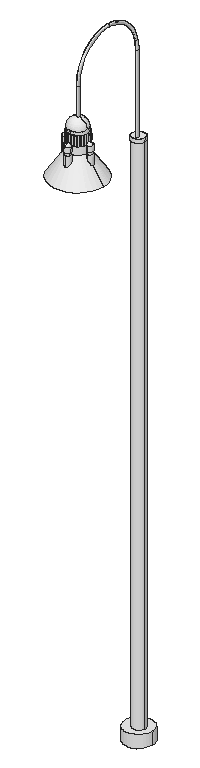
Revit family "RA17", category Lighting Fixtures, Revit 2021
Family settings
  Round Connector Dimension = Use Diameter
  Part Type = Normal
  OmniClass Number = 23.80.70.14.21
  OmniClass Title = Street and Roadway Lighting
  Work Plane-Based = No
  Always vertical = Yes
  Cut with Voids When Loaded = No
  Light Source = No
  Shared = No
  Room Calculation Point = No
Parameters (values of type "RA17-1A")
  Wattage Comments = "60 LEDs, 68 W"  # constant formula
  Voltage = 120 V
  URL = "https://www.currentlighting.com/kimlighting"
  Type Comments = "Lighting Fixture"  # constant formula
  Series = "ERA Collection"  # constant formula
  Product Page URL = ""
  Product Documentation Link = ""
  Power Factor = 1  # constant formula
  Pole Height = Mount Height - 16 1/2"  # 175 1/2"
  Pole Finish = Metal-Aluminum Alloy
  Photometric Notes = "More IES files download on Photometric Web Link"  # constant formula
  Number of Poles = 1
  Mount Height = 192"
  Model = "RA17"  # constant formula
  MasterFormat Title = "Parking Lighting, Roadway Lighting, Site Lighting"  # constant formula
  Manufacturer = "Kim Lighting"  # constant formula
  Load Classification = Lighting
  Lamp = "LED"  # constant formula
  Inside Material = Metal-Aluminum-Reflective
  IP Rating = "IP66"  # constant formula
  Housing Material = Metal-Aluminum Alloy
  Glass Material = Glass-Clear
  Finish = "All colors shall be a Super TGIC powder coat paint. Optional white (WH) and custom colors available."
  Description = "Era® is a transitionally styled luminaire that complements both traditional and contemporary architecture. Available with Kim's exclusive PicoEmitter LED technology."  # constant formula
  Default Elevation = 0"
  Contact us = ""
  Assembly Code = "D5020200"
  Arm Material = Metal-Aluminum Alloy
  Apparent Load = 68 VA
  Height = 17 1/2"
  Angle Bee = 180.00°
  4C = no
  3Y = no
  2 = no
  1 = yes
Reference planes (in)
  plane 1 "Center (Front/Back)": y = 0
  plane 2: z = 189
  plane 3 "Center (Left/Right)": x = -1.40174
  plane 4 "TOP": z = 192
  plane 5: z = 175.5
  plane 6: z = 182.5
  plane 7: x = 1.59826
  plane 8: x = -4.40174
  plane 9: z = 174.5
  plane 10: x = 7.09826
  plane 11: x = -9.90174
  plane 12: z = 183.5
  plane 13: z = 185
  plane 14: z = 188
  plane 15: x = 2.59826
  plane 16: x = -5.40174
  plane 17: y = -3
  plane 18: x = 3.34826
  plane 19: z = 179.5
  plane 20: x = -6.15174
  plane 21: y = 3
  plane 22: y = 4
  plane 23: y = -4
  plane 24: z = 177.20677
  plane 25 "Bottom": z = 172.75
  plane 26: z = 175
  plane 27: z = 176.5
  plane 28: z = 0
Forms (in)
  Revolve 1, solid, material "Glass-Clear" <- "Glass Material", not visible
    sketch origin (0, 0, 33.625) x (1, 0, 0) y (0, 0, 1)
      loop
        line (5.64075, 140.875) -> (5.36959, 140.875)
        arc (5.36959, 140.875) -> (2.08006, 139.66194) -> (-1.40174, 139.25) r 14.92048
        line (-1.40174, 139.25) -> (-1.40174, 139.125)
        arc (-1.40174, 139.125) -> (2.22659, 139.56905) -> (5.64075, 140.875) r 15.04548
      axis (-1.40174, 139.125) -> (-1.40174, 140.875)
    angle from 0 to 360
  Extrusion 2, solid, material "Glass-Clear" <- "Glass Material", not visible
    sketch origin (4.8439, 0, 27.67862) x (0, 1, 0) y (1, 0, 0)
      loop
        circle (0, -6.24564) r 7.04249
    from -147.32138 to -146.82138
  Revolve 3, solid, material "Metal-Aluminum Alloy" <- "Housing Material", not visible
    sketch origin (0, 0, 36) x (1, 0, 0) y (0, 0, 1)
      loop
        line (-1.40174, 156) -> (-1.40174, 155.875)
        arc (-1.40174, 155.875) -> (0.63119, 155.03293) -> (1.47326, 153) r 2.875
        line (1.47326, 153) -> (1.59826, 153)
        arc (1.59826, 153) -> (0.71958, 155.12132) -> (-1.40174, 156) r 3
      axis (-1.40174, 156) -> (-1.40174, 153)
    angle from 0 to 360
  Extrusion 4, solid, material "Metal-Aluminum Alloy" <- "Housing Material", not visible
    sketch origin (4.8439, 0, 29.1894) x (0, 1, 0) y (-1, 0, 0)
      loop
        circle (0, 2.24564) r 1
    from 150.3106 to 153.3106
  Extrusion 5, solid, material "Metal-Aluminum Alloy" <- "Housing Material", not visible
    sketch origin (0.83045, 4.01345, 29.1894) x (0, 1, 0) y (-1, 0, 0)
      loop
        circle (-0.01345, 2.23219) r 1
    from 150.3106 to 153.3106
  Extrusion 6, solid, material "Metal-Aluminum Alloy" <- "Housing Material", not visible
    sketch origin (-3.183, 0, 29.1894) x (0, 1, 0) y (-1, 0, 0)
      loop
        circle (0, 2.21874) r 0.98655
    from 150.3106 to 153.3106
  Extrusion 7, solid, material "Metal-Aluminum Alloy" <- "Housing Material", not visible
    sketch origin (0.83045, -4.01345, 29.1894) x (0, 1, 0) y (-1, 0, 0)
      loop
        circle (0.01345, 2.23219) r 0.98655
    from 150.3106 to 153.3106
  Blend 8, solid, material "Metal-Aluminum Alloy" <- "Housing Material", not visible
    base sketch origin (4.8439, 0, 29.1894) x (0, 1, 0) y (-1, 0, 0)
      loop
        line (3.25, 6.24564) -> (3.25, 6.49564) -> (3, 6.49564) -> (2.96248, 6.78061) -> (3.20396, 6.84532) -> (3.13926, 7.0868) -> (3.07455, 7.32828) -> (2.83307, 7.26357) -> (2.72308, 7.52913) -> (2.93958, 7.65413) -> (2.81458, 7.87064) -> (2.68958, 8.08714) -> (2.47308, 7.96214) -> (2.2981, 8.19018) -> (2.47487, 8.36696) -> (2.2981, 8.54373) -> (2.12132, 8.72051) -> (1.94454, 8.54373) -> (1.71836, 8.73208) -> (1.84197, 8.94939) -> (1.62466, 9.073) -> (1.40736, 9.1966) -> (1.28375, 8.9793) -> (1.01259, 9.07799) -> (1.07942, 9.334) -> (0.83753, 9.39715) -> (0.59564, 9.4603) -> (0.53249, 9.21841) -> (0.24492, 9.25814) -> (0.24332, 9.50814) -> (-0.00668, 9.50653) -> (-0.25667, 9.50493) -> (-0.25507, 9.25493) -> (-0.53249, 9.21841) -> (-0.59564, 9.4603) -> (-0.83753, 9.39715) -> (-1.07942, 9.334) -> (-1.01627, 9.0921) -> (-1.28375, 8.9793) -> (-1.40736, 9.1966) -> (-1.62466, 9.073) -> (-1.84197, 8.94939) -> (-1.71836, 8.73208) -> (-1.94454, 8.54373) -> (-2.12132, 8.72051) -> (-2.2981, 8.54373) -> (-2.47487, 8.36696) -> (-2.2981, 8.19018) -> (-2.47308, 7.96214) -> (-2.68958, 8.08714) -> (-2.81458, 7.87064) -> (-2.93958, 7.65413) -> (-2.72308, 7.52913) -> (-2.83307, 7.26357) -> (-3.07455, 7.32828) -> (-3.13926, 7.0868) -> (-3.20396, 6.84532) -> (-2.96248, 6.78061) -> (-3, 6.49564) -> (-3.25, 6.49564) -> (-3.25, 6.24564) -> (-3.25, 5.99564) -> (-3, 5.99564) -> (-2.96248, 5.71066) -> (-3.20396, 5.64595) -> (-3.13926, 5.40447) -> (-3.07455, 5.16299) -> (-2.83307, 5.2277) -> (-2.72308, 4.96214) -> (-2.93958, 4.83714) -> (-2.81458, 4.62064) -> (-2.68958, 4.40413) -> (-2.47308, 4.52913) -> (-2.2981, 4.30109) -> (-2.47487, 4.12432) -> (-2.2981, 3.94754) -> (-2.12132, 3.77076) -> (-1.94454, 3.94754) -> (-1.71836, 3.75919) -> (-1.84197, 3.54188) -> (-1.62466, 3.41828) -> (-1.40736, 3.29467) -> (-1.28375, 3.51197) -> (-1.01627, 3.39917) -> (-1.07942, 3.15727) -> (-0.83753, 3.09412) -> (-0.59564, 3.03097) -> (-0.53249, 3.27286) -> (-0.25507, 3.23634) -> (-0.25667, 2.98634) -> (-0.00668, 2.98474) -> (0.24332, 2.98313) -> (0.24492, 3.23313) -> (0.53249, 3.27286) -> (0.59564, 3.03097) -> (0.83753, 3.09412) -> (1.07942, 3.15727) -> (1.01627, 3.39917) -> (1.28375, 3.51197) -> (1.40736, 3.29467) -> (1.62466, 3.41828) -> (1.84197, 3.54188) -> (1.72076, 3.75497) -> (1.94454, 3.94754) -> (2.12132, 3.77076) -> (2.2981, 3.94754) -> (2.47487, 4.12432) -> (2.2981, 4.30109) -> (2.47308, 4.52913) -> (2.68958, 4.40413) -> (2.81458, 4.62064) -> (2.93958, 4.83714) -> (2.72308, 4.96214) -> (2.83307, 5.2277) -> (3.07455, 5.16299) -> (3.13926, 5.40447) -> (3.20396, 5.64595) -> (2.96248, 5.71066) -> (3, 5.99564) -> (3.25, 5.99564) -> (3.25, 6.24564)
    top sketch origin (4.8439, 0, 29.1894) x (0, 1, 0) y (-1, 0, 0)
      loop
        line (3.25, 6.24564) -> (3.25, 6.49564) -> (3, 6.49564) -> (2.96248, 6.78061) -> (3.20396, 6.84532) -> (3.13926, 7.0868) -> (3.07455, 7.32828) -> (2.83307, 7.26357) -> (2.72308, 7.52913) -> (2.93958, 7.65413) -> (2.81458, 7.87064) -> (2.68958, 8.08714) -> (2.47308, 7.96214) -> (2.2981, 8.19018) -> (2.47487, 8.36696) -> (2.2981, 8.54373) -> (2.12132, 8.72051) -> (1.94454, 8.54373) -> (1.71836, 8.73208) -> (1.84197, 8.94939) -> (1.62466, 9.073) -> (1.40736, 9.1966) -> (1.28375, 8.9793) -> (1.01259, 9.07799) -> (1.07942, 9.334) -> (0.83753, 9.39715) -> (0.59564, 9.4603) -> (0.53249, 9.21841) -> (0.24492, 9.25814) -> (0.24332, 9.50814) -> (-0.00668, 9.50653) -> (-0.25667, 9.50493) -> (-0.25507, 9.25493) -> (-0.53249, 9.21841) -> (-0.59564, 9.4603) -> (-0.83753, 9.39715) -> (-1.07942, 9.334) -> (-1.01627, 9.0921) -> (-1.28375, 8.9793) -> (-1.40736, 9.1966) -> (-1.62466, 9.073) -> (-1.84197, 8.94939) -> (-1.71836, 8.73208) -> (-1.94454, 8.54373) -> (-2.12132, 8.72051) -> (-2.2981, 8.54373) -> (-2.47487, 8.36696) -> (-2.2981, 8.19018) -> (-2.47308, 7.96214) -> (-2.68958, 8.08714) -> (-2.81458, 7.87064) -> (-2.93958, 7.65413) -> (-2.72308, 7.52913) -> (-2.83307, 7.26357) -> (-3.07455, 7.32828) -> (-3.13926, 7.0868) -> (-3.20396, 6.84532) -> (-2.96248, 6.78061) -> (-3, 6.49564) -> (-3.25, 6.49564) -> (-3.25, 6.24564) -> (-3.25, 5.99564) -> (-3, 5.99564) -> (-2.96248, 5.71066) -> (-3.20396, 5.64595) -> (-3.13926, 5.40447) -> (-3.07455, 5.16299) -> (-2.83307, 5.2277) -> (-2.72308, 4.96214) -> (-2.93958, 4.83714) -> (-2.81458, 4.62064) -> (-2.68958, 4.40413) -> (-2.47308, 4.52913) -> (-2.2981, 4.30109) -> (-2.47487, 4.12432) -> (-2.2981, 3.94754) -> (-2.12132, 3.77076) -> (-1.94454, 3.94754) -> (-1.71836, 3.75919) -> (-1.84197, 3.54188) -> (-1.62466, 3.41828) -> (-1.40736, 3.29467) -> (-1.28375, 3.51197) -> (-1.01627, 3.39917) -> (-1.07942, 3.15727) -> (-0.83753, 3.09412) -> (-0.59564, 3.03097) -> (-0.53249, 3.27286) -> (-0.25507, 3.23634) -> (-0.25667, 2.98634) -> (-0.00668, 2.98474) -> (0.24332, 2.98313) -> (0.24492, 3.23313) -> (0.53249, 3.27286) -> (0.59564, 3.03097) -> (0.83753, 3.09412) -> (1.07942, 3.15727) -> (1.01627, 3.39917) -> (1.28375, 3.51197) -> (1.40736, 3.29467) -> (1.62466, 3.41828) -> (1.84197, 3.54188) -> (1.72076, 3.75497) -> (1.94454, 3.94754) -> (2.12132, 3.77076) -> (2.2981, 3.94754) -> (2.47487, 4.12432) -> (2.2981, 4.30109) -> (2.47308, 4.52913) -> (2.68958, 4.40413) -> (2.81458, 4.62064) -> (2.93958, 4.83714) -> (2.72308, 4.96214) -> (2.83307, 5.2277) -> (3.07455, 5.16299) -> (3.13926, 5.40447) -> (3.20396, 5.64595) -> (2.96248, 5.71066) -> (3, 5.99564) -> (3.25, 5.99564) -> (3.25, 6.24564)
    from 155.8106 to 158.8106
  Extrusion 9, solid, material "Metal-Aluminum Alloy" <- "Housing Material", not visible
    sketch origin (4.8439, 0, 29.1894) x (0, 1, 0) y (-1, 0, 0)
      loop
        circle (0, 6.24564) r 3.25
      loop
        circle (0, 6.24564) r 3
    from 153.3106 to 155.8106
  Extrusion 10, solid, material "Metal-Aluminum Alloy" <- "Housing Material", not visible
    sketch origin (4.8439, 0, 29.1894) x (0, 1, 0) y (-1, 0, 0)
      loop
        circle (0, 2.24564) r 1
    from 154.3106 to 155.8106
  Revolve 11, solid, material "Metal-Aluminum Alloy" <- "Housing Material", not visible, detail levels fine
    sketch origin (0, 0, 36) x (1, 0, 0) y (0, 0, 1)
      loop
        arc (3.34826, 149) -> (3.12859, 149.53033) -> (2.59826, 149.75) r 0.75
        line (2.59826, 149.75) -> (2.59826, 149) -> (3.34826, 149)
      axis (2.59826, 149) -> (2.59826, 149.75)
    angle from 0 to 360
  Extrusion 12, solid, material "Metal-Aluminum Alloy" <- "Housing Material", not visible
    sketch origin (4.8439, 0, 29.1894) x (0, 1, 0) y (-1, 0, 0)
      loop
        circle (0, 10.24564) r 0.75
    from 153.3106 to 155.8106
  Extrusion 13, solid, material "Metal-Aluminum Alloy" <- "Housing Material", not visible
    sketch origin (-7.64737, 0, 29.1894) x (0, -1, 0) y (1, 0, 0)
      loop
        circle (0, 2.24564) r 1
    from 154.3106 to 155.8106
  Revolve 14, solid, material "Metal-Aluminum Alloy" <- "Housing Material", not visible
    sketch origin (-2.80348, 0, 36) x (-1, 0, 0) y (0, 0, 1)
      loop
        arc (3.34826, 149) -> (3.12859, 149.53033) -> (2.59826, 149.75) r 0.75
        line (2.59826, 149.75) -> (2.59826, 149) -> (3.34826, 149)
      axis (2.59826, 149) -> (2.59826, 149.75)
    angle from 0 to 360
  Extrusion 15, solid, material "Metal-Aluminum Alloy" <- "Housing Material", not visible
    sketch origin (-7.64737, 0, 29.1894) x (0, -1, 0) y (1, 0, 0)
      loop
        circle (0, 10.24564) r 0.75
    from 153.3106 to 155.8106
  Revolve 16, solid, material "Metal-Aluminum Alloy" <- "Housing Material", not visible
    sketch origin (0, 0, 36) x (1, 0, 0) y (0, 0, 1)
      loop
        line (1.59826, 146.5) -> (-1.40174, 146.5) -> (-1.40174, 143.5) -> (2.4979, 143.5) -> (5.64075, 139.5) -> (5.64075, 138.5) -> (7.09826, 138.5) -> (7.09826, 139.5) -> (1.59826, 146.5)
      axis (-1.40174, 138.5) -> (-1.40174, 146.5)
    angle from 0 to 360
  Revolve 17, solid, material "Metal-Aluminum-Reflective" <- "Inside Material", not visible
    sketch origin (5.12421, 0, -11.18857) x (1, 0, 0) y (0, 0, 1)
      loop
        line (-6.52594, 190.587) -> (-2.95443, 190.587) -> (-2.95443, 189.77976) -> (-1.45607, 189.08102) -> (-0.97861, 187.69437) -> (-0.97861, 185.68857) -> (0.51899, 185.68857) -> (0.51899, 185.79013) -> (-0.87705, 185.79013) -> (-0.87705, 187.71136) -> (-1.37408, 189.15484) -> (-2.85287, 189.84446) -> (-2.85287, 190.68857) -> (-6.52594, 190.68857) -> (-6.52594, 190.587)
      axis (-6.52594, 190.68857) -> (-6.52594, 185.68857)
    angle from 0 to 360
  Revolve 18, solid, material "Metal-Aluminum-Reflective" <- "Inside Material", not visible
    sketch origin (5.12421, 0, -11.18857) x (1, 0, 0) y (0, 0, 1)
      loop
        line (-6.52594, 189.7429) -> (-3.04956, 189.7429) -> (-2.55732, 188.31334) -> (-0.97895, 188.31334) -> (-0.97895, 185.68857) -> (0.51899, 185.68857) -> (0.51899, 185.79463) -> (-0.87635, 185.79463) -> (-0.87635, 188.39533) -> (-2.47814, 188.39533) -> (-2.97712, 189.84446) -> (-6.52594, 189.84446) -> (-6.52594, 189.7429)
      axis (-6.52594, 189.84446) -> (-6.52594, 185.68857)
    angle from 0 to 360
  Extrusion 19, solid, material "Metal-Aluminum Alloy" <- "Housing Material", not visible
    sketch origin (4.8439, 0, 29.1894) x (0, 1, 0) y (-1, 0, 0)
      loop
        circle (0, 6.24564) r 3
    from 155.8106 to 159.8106
  Extrusion 20, solid, material "Metal-Aluminum Alloy" <- "Housing Material", not visible
    sketch origin (-1.40174, -6.24564, 29.1894) x (1, 0, 0) y (0, 1, 0)
      loop
        circle (0, 2.24564) r 1
    from 154.3106 to 155.8106
  Revolve 21, solid, material "Metal-Aluminum Alloy" <- "Housing Material", not visible, detail levels fine
    sketch origin (-1.40174, -1.40174, 36) x (0, -1, 0) y (0, 0, -1)
      loop
        line (3.34826, -149) -> (2.59826, -149) -> (2.59826, -149.75)
        arc (2.59826, -149.75) -> (3.12859, -149.53033) -> (3.34826, -149) r 0.75
      axis (2.59826, -149) -> (2.59826, -149.75)
    angle from 0 to 360
  Extrusion 22, solid, material "Metal-Aluminum Alloy" <- "Housing Material", not visible
    sketch origin (-1.40174, 6.24564, 29.1894) x (-1, 0, 0) y (0, -1, 0)
      loop
        circle (0, 2.24564) r 1
    from 154.3106 to 155.8106
  Revolve 23, solid, material "Metal-Aluminum Alloy" <- "Housing Material", not visible
    sketch origin (-1.40174, 1.40174, 36) x (0, 1, 0) y (0, 0, 1)
      loop
        arc (3.34826, 149) -> (3.12859, 149.53033) -> (2.59826, 149.75) r 0.75
        line (2.59826, 149.75) -> (2.59826, 149) -> (3.34826, 149)
      axis (2.59826, 149) -> (2.59826, 149.75)
    angle from 0 to 360
  Extrusion 24, solid, material "Metal-Aluminum Alloy" <- "Housing Material", not visible
    sketch origin (-1.40174, 6.24564, 29.1894) x (-1, 0, 0) y (0, -1, 0)
      loop
        circle (0, 10.24564) r 0.75
    from 153.3106 to 155.8106
  Extrusion 25, solid, material "Metal-Aluminum Alloy" <- "Housing Material", not visible
    sketch origin (-1.40174, -6.24564, 29.1894) x (1, 0, 0) y (0, 1, 0)
      loop
        circle (0, 10.24564) r 0.75
    from 153.3106 to 155.8106
  Revolve 26, solid, material "Metal-Aluminum Alloy" <- "Housing Material", not visible
    sketch origin (0, 0, 36) x (1, 0, 0) y (0, 0, 1)
      loop
        line (-1.40174, 146.5) -> (-4.40174, 146.5) -> (-9.90174, 138.5) -> (-1.40174, 138.5) -> (-1.40174, 146.5)
      axis (-1.40174, 146.5) -> (-1.40174, 138.5)
    angle from 0 to 360
  Extrusion 27, solid, material "Metal-Aluminum Alloy" <- "Housing Material", not visible
    sketch origin (4.8439, 0, 29.1894) x (0, 1, 0) y (-1, 0, 0)
      loop
        circle (0, 6.24564) r 3
    from 153.3106 to 159.8106
  Sweep 28, solid, material "Metal-Aluminum Alloy" <- "Pole Finish", visible <- "1"
    path origin (-26.63639, -48.15867, 0) x (0.000096, -1, 0) y (0, 0, 1)
      loop
        line (0.3125, 192) -> (0.3125, 201)
        arc (0.3125, 201) -> (-3.20222, 209.48528) -> (-11.6875, 213) r 12
        arc (-11.6875, 213) -> (-20.17278, 209.48528) -> (-23.6875, 201) r 12
        line (-23.6875, 201) -> (-23.6875, 175.5)
    profile origin (-26.63636, -48.47117, 196.5) x (-0.000096, 1, 0) y (-1, -0.000096, 0)
      loop
        circle (0, -25.23698) r 0.39063
  Sweep 29, solid, material "Metal-Aluminum Alloy" <- "Pole Finish", visible <- "2"
    path origin (-26.63639, 0.48819, 0) x (0.000096, 1, 0) y (0, 0, -1)
      loop
        line (0.3125, -192) -> (0.3125, -201)
        arc (0.3125, -201) -> (-3.20222, -209.48528) -> (-11.6875, -213) r 12
        arc (-11.6875, -213) -> (-20.17278, -209.48528) -> (-23.6875, -201) r 12
        line (-23.6875, -201) -> (-23.6875, -175.5)
    profile origin (-26.63636, 0.80069, 196.5) x (0.000096, 1, 0) y (-1, 0.000096, 0)
      loop
        circle (0, -25.23698) r 0.39063
  Sweep 30, solid, material "Metal-Aluminum Alloy" <- "Pole Finish", visible <- "3Y"
    path origin (-34.87341, -33.40595, 0) x (-0.865977, 0.500083, 0) y (0, 0, -1)
      loop
        line (0.3125, -192) -> (0.3125, -201)
        arc (0.3125, -201) -> (-3.20222, -209.48528) -> (-11.6875, -213) r 12
        arc (-11.6875, -213) -> (-20.17278, -209.48528) -> (-23.6875, -201) r 12
        line (-23.6875, -201) -> (-23.6875, -175.5)
    profile origin (-35.14403, -33.24967, 196.5) x (-0.865977, 0.500083, 0) y (-0.500083, -0.865977, 0)
      loop
        circle (0, -25.23698) r 0.39063
  Sweep 31, solid, material "Metal-Aluminum Alloy" <- "Pole Finish", visible <- "3Y"
    path origin (32.06994, -33.40595, 0) x (0.865977, 0.500083, 0) y (0, 0, 1)
      loop
        line (0.3125, 192) -> (0.3125, 201)
        arc (0.3125, 201) -> (-3.20222, 209.48528) -> (-11.6875, 213) r 12
        arc (-11.6875, 213) -> (-20.17278, 209.48528) -> (-23.6875, 201) r 12
        line (-23.6875, 201) -> (-23.6875, 175.5)
    profile origin (32.34055, -33.24967, 196.5) x (-0.865977, -0.500083, 0) y (0.500083, -0.865977, 0)
      loop
        circle (0, -25.23698) r 0.39063
  Sweep 32, solid, material "Metal-Aluminum Alloy" <- "Pole Finish", visible <- "4C"
    path origin (-25.39036, -48.91441, 0) x (-0.999994, -0.00354, 0) y (0, 0, -1)
      loop
        line (0.3125, -192) -> (0.3125, -201)
        arc (0.3125, -201) -> (-3.20222, -209.48528) -> (-11.6875, -213) r 12
        arc (-11.6875, -213) -> (-20.17278, -209.48528) -> (-23.6875, -201) r 12
        line (-23.6875, -201) -> (-23.6875, -175.5)
    profile origin (-25.70286, -48.91551, 196.5) x (-0.999994, -0.00354, 0) y (0.00354, -0.999994, 0)
      loop
        circle (0, -25.23698) r 0.39063
  Sweep 33, solid, material "Metal-Aluminum Alloy" <- "Pole Finish", visible <- "4C"
    path origin (22.58688, -48.91441, 0) x (0.999994, -0.00354, 0) y (0, 0, 1)
      loop
        line (0.3125, 192) -> (0.3125, 201)
        arc (0.3125, 201) -> (-3.20222, 209.48528) -> (-11.6875, 213) r 12
        arc (-11.6875, 213) -> (-20.17278, 209.48528) -> (-23.6875, 201) r 12
        line (-23.6875, 201) -> (-23.6875, 175.5)
    profile origin (22.89938, -48.91551, 196.5) x (-0.999994, 0.00354, 0) y (-0.00354, -0.999994, 0)
      loop
        circle (0, -25.23698) r 0.39063
Lines and regions (in)
  symbolic lines, detail levels medium+fine
    curve 1: arc (-1.40174, 0, 192) -> (0.71958, 0, 191.12132) -> (1.59826, 0, 189) r 3
    curve 3: line (1.59826, 0, 182.5) -> (7.09826, 0, 175.5)
    curve 5: line (-9.90174, 0, 175.5) -> (-4.40174, 0, 182.5)
    curve 7: arc (-4.40174, 0, 189) -> (-3.52306, 0, 191.12132) -> (-1.40174, 0, 192) r 3
    curve 8: line (7.09826, 0, 175.5) -> (-9.90174, 0, 175.5)
    curve 9: line (1.59826, 0, 182.5) -> (-4.40174, 0, 182.5)
    curve 25: arc (5.64075, 0, 174.5) -> (-1.40174, 0, 172.75) -> (-8.44423, 0, 174.5) r 15.04548
    curve 29: line (-9.90174, 0, 175.5) -> (-9.90174, 0, 174.5)
    curve 30: line (7.09826, 0, 175.5) -> (7.09826, 0, 174.5)
  symbolic lines
    curve 2: line (1.59826, 0, 189) -> (1.59826, 0, 182.5)
    curve 4: line (7.09826, 0, 174.5) -> (-9.90174, 0, 174.5)
    curve 6: line (-4.40174, 0, 182.5) -> (-4.40174, 0, 189)
  symbolic lines, detail levels fine
    curve 10: line (1.59826, 0, 182.5) -> (3.59826, 0, 182.5)
    curve 11: line (3.59826, 0, 182.5) -> (3.59826, 0, 179.95455)
    curve 12: line (-4.40174, 0, 182.5) -> (-6.40174, 0, 182.5)
    curve 13: line (-6.40174, 0, 182.5) -> (-6.40174, 0, 179.95455)
    curve 14: line (-4.40174, 0, 182.5) -> (-6.40174, 0, 182.5)
    curve 15: line (-0.40174, 0, 182.5) -> (-2.40174, 0, 182.5)
    curve 16: line (-0.40174, 0, 182.5) -> (-0.40174, 0, 180.86827)
    curve 17: spline (-0.40174, 0, 180.86827) -> (-0.43581, 0, 180.58001) -> (-0.53571, 0, 180.3114) -> (-0.69463, 0, 180.08073) -> (-0.90174, 0, 179.90374) -> (-1.14292, 0, 179.79247) -> (-1.40174, 0, 179.75452) -> (-1.66056, 0, 179.79247) -> (-1.90174, 0, 179.90374) -> (-2.10885, 0, 180.08073) -> (-2.26776, 0, 180.3114) -> (-2.36767, 0, 180.58001) -> (-2.40174, 0, 180.86827)
    curve 18: line (-2.40174, 0, 180.86827) -> (-2.40174, 0, 182.5)
    curve 19: line (1.59826, 0, 188) -> (-4.40174, 0, 188)
    curve 20: line (1.59826, 0, 185) -> (-4.40174, 0, 185)
  symbolic lines, detail levels coarse
    curve 21: line (1.59826, 0, 182.5) -> (7.09826, 0, 174.5)
    curve 22: line (-4.40174, 0, 182.5) -> (-9.90174, 0, 174.5)
    curve 23: line (1.59826, 0, 182.5) -> (-9.90174, 0, 174.5)
    curve 24: line (-4.40174, 0, 182.5) -> (7.09826, 0, 174.5)
    curve 26: line (1.59826, 0, 189) -> (1.59826, 0, 183.5)
    curve 27: line (1.59826, 0, 183.5) -> (-4.40174, 0, 183.5)
    curve 28: line (-4.40174, 0, 183.5) -> (-4.40174, 0, 189)
Dimensions and locks (in)
  locked: plane 2 to plane 4 "TOP" at 3
  locked: plane 14 to plane 4 "TOP" at 4
  locked: plane 13 to plane 4 "TOP" at 7
  locked: plane 12 to plane 4 "TOP" at 8.5
  locked: plane 25 "Bottom" to plane 6 at 9.75
  locked: plane 25 "Bottom" to plane 5 at 2.75
  locked: plane 25 "Bottom" to plane 26 at 2.25
  locked: plane 25 "Bottom" to plane 9 at 1.75
  locked: plane 25 "Bottom" to plane 27 at 3.75
  locked: plane 25 "Bottom" to plane 24 at 4.45677
  locked: plane 25 "Bottom" to plane 19 at 6.75
  equal spacing: plane 11, plane 3 "Center (Left/Right)", plane 10
  locked: plane 11 to plane 10 at 17
  plane 23 to plane 1 "Center (Front/Back)" to plane 22 = 4" locked, 4" locked
  plane 17 to plane 1 "Center (Front/Back)" to plane 21 = 3" locked, 3" locked
  plane 20 to plane 3 "Center (Left/Right)" to plane 18 = 4 3/4" locked, 4 3/4" locked
  plane 16 to plane 3 "Center (Left/Right)" to plane 15 = 4" locked, 4" locked
  plane 8 to plane 3 "Center (Left/Right)" to plane 7 = 3" locked, 3" locked
  "Height": plane 9 to plane 4 "TOP"
  "Mount Height": level to plane 4 "TOP"
  locked: nested 2 to plane 1 "Center (Front/Back)" at 23.83524
  locked: plane 4 "TOP" to nested 2 at 16.5
  aligned and locked: plane 3 "Center (Left/Right)" to nested 1
  aligned and locked: curve 27 to plane 12
  aligned and locked: Revolve 18 to Revolve 17 sketch curve
  aligned and locked: plane 9 to nested 8
  aligned and locked: nested 7 to plane 9
  aligned and locked: nested 5 to plane 9
  aligned and locked: plane 9 to nested 6
  aligned and locked: nested 4 to plane 9
  aligned and locked: nested 3 to plane 9
Automatic sketch dimensions
  Revolve 1 sketch curve to Revolve 1 sketch curve = 0"  (x4)
  Revolve 1 sketch curve to Revolve 1 sketch curve = 0.27116"
  Revolve 1 sketch curve to Revolve 1 sketch curve = 10 1/4"
  Revolve 1 sketch curve to Revolve 1 sketch curve = 1.29548"
  Blend 8 sketch curve to Blend 8 sketch curve = 0.21651"  (x20)
  Blend 8 sketch curve to Blend 8 sketch curve = 1/8"  (x20)
  Blend 8 sketch curve to Blend 8 sketch curve = 0.21471"  (x4)
  Blend 8 sketch curve to Blend 8 sketch curve = 0.17678"  (x44)
  Blend 8 sketch curve to Blend 8 sketch curve = 0.27935"  (x4)
  Blend 8 sketch curve to Blend 8 sketch curve = 0.12361"  (x22)
  Blend 8 sketch curve to Blend 8 sketch curve = 0.2173"  (x16)
  Blend 8 sketch curve to Blend 8 sketch curve = 0.32794"  (x4)
  Blend 8 sketch curve to Blend 8 sketch curve = 0.06315"  (x22)
  Blend 8 sketch curve to Blend 8 sketch curve = 0.24189"  (x16)
  Blend 8 sketch curve to Blend 8 sketch curve = 0.00161"  (x12)
  Blend 8 sketch curve to Blend 8 sketch curve = 0.28756"  (x4)
  Blend 8 sketch curve to Blend 8 sketch curve = 0.17506"  (x2)
  Blend 8 sketch curve to Blend 8 sketch curve = 0.17874"  (x2)
  Blend 8 sketch curve to Blend 8 sketch curve = 0.27117"  (x2)
  Blend 8 sketch curve to Blend 8 sketch curve = 0.26748"  (x2)
  Blend 8 sketch curve to Blend 8 sketch curve = 0.0937"  (x6)
  Blend 8 sketch curve to Blend 8 sketch curve = 0.0961"  (x2)
  Blend 8 sketch curve to Blend 8 sketch curve = 0.22618"  (x2)
  Blend 8 sketch curve to Blend 8 sketch curve = 0.22378"  (x2)
  Blend 8 sketch curve to Blend 8 sketch curve = 0"  (x6)
  Blend 8 sketch curve to Blend 8 sketch curve = 0.35355"  (x2)
  Blend 8 sketch curve to Blend 8 sketch curve = 0.17498"  (x4)
  Blend 8 sketch curve to Blend 8 sketch curve = 0.22888"  (x4)
  Blend 8 sketch curve to Blend 8 sketch curve = 0.27981"  (x4)
  Blend 8 sketch curve to Blend 8 sketch curve = 0.32585"  (x4)
  Blend 8 sketch curve to Blend 8 sketch curve = 0.0647"  (x20)
  Blend 8 sketch curve to Blend 8 sketch curve = 0.24148"  (x20)
  Blend 8 sketch curve to Blend 8 sketch curve = 1/4"  (x28)
  Blend 8 sketch curve to Blend 8 sketch curve = 0.28498"  (x6)
  Blend 8 sketch curve to Blend 8 sketch curve = 0.26556"  (x4)
  Blend 8 sketch curve to Blend 8 sketch curve = 0.09151"  (x4)
  Blend 8 sketch curve to Blend 8 sketch curve = 0.22804"  (x4)
  Blend 8 sketch curve to Blend 8 sketch curve = 0.18835"  (x4)
  Extrusion 9 sketch curve to Extrusion 9 sketch curve = 0"  (x4)
  Revolve 17 sketch curve to Revolve 17 sketch curve = 13/128"  (x4)
  Revolve 17 sketch curve to Revolve 17 sketch curve = 0.08199"
  Revolve 17 sketch curve to Revolve 17 sketch curve = 0.07383"
  Revolve 17 sketch curve to Revolve 17 sketch curve = 0.80724"
  Revolve 17 sketch curve to Revolve 17 sketch curve = 0.0647"
  Revolve 18 sketch curve to Revolve 18 sketch curve = 0.07244"
  Revolve 18 sketch curve to Revolve 18 sketch curve = 0.1026"
  Revolve 18 sketch curve to Revolve 18 sketch curve = 1.39534"
  Revolve 18 sketch curve to Revolve 18 sketch curve = 13/128"
  Revolve 1 sketch curve to Revolve 1 sketch curve = 6.77133"
  Revolve 1 sketch curve to Revolve 1 sketch curve = 1/8"
  Revolve 3 sketch curve to Revolve 3 sketch curve = 2 7/8"
  Revolve 3 sketch curve to Revolve 3 sketch curve = 1/8"
  Revolve 3 sketch curve to Revolve 3 sketch curve = 0"  (x3)
  Revolve 3 sketch curve to Revolve 3 sketch curve = 21"
  Revolve 3 sketch curve to Revolve 3 sketch curve = 41.9023"
  Blend 8 sketch curve to Blend 8 sketch curve = 0.04604"  (x4)
  Blend 8 sketch curve to Blend 8 sketch curve = 0.13497"  (x4)
  Blend 8 sketch curve to Blend 8 sketch curve = 0.33896"  (x4)
  Blend 8 sketch curve to Blend 8 sketch curve = 0.12121"  (x2)
  Blend 8 sketch curve to Blend 8 sketch curve = 0.11"  (x4)
  Blend 8 sketch curve to Blend 8 sketch curve = 0.12941"  (x4)
  Blend 8 sketch curve to Blend 8 sketch curve = 0.03752"  (x4)
  Blend 8 sketch curve to Blend 8 sketch curve = 0.04784"  (x2)
  Blend 8 sketch curve to Blend 8 sketch curve = 0.04463"  (x2)
  Blend 8 sketch curve to Blend 8 sketch curve = 0.13739"  (x4)
  Blend 8 sketch curve to Blend 8 sketch curve = 0.34968"  (x2)
  Blend 8 sketch curve to Blend 8 sketch curve = 0.0987"  (x2)
  Blend 8 sketch curve to Blend 8 sketch curve = 0.11281"  (x2)
  Blend 8 sketch curve to Blend 8 sketch curve = 0.1263"  (x2)
  Blend 8 sketch curve to Blend 8 sketch curve = 0.14042"  (x2)
  Blend 8 sketch curve to Blend 8 sketch curve = 0.03652"  (x2)
  Blend 8 sketch curve to Blend 8 sketch curve = 0.03973"  (x2)
  Blend 8 sketch curve to Blend 8 sketch curve = 0.256"  (x2)
  Revolve 11 sketch curve to Revolve 11 sketch curve = 3/4"
  Revolve 11 sketch curve to Revolve 11 sketch curve = 0"
  Revolve 11 sketch curve to Revolve 11 sketch curve = 14.6544"
  Revolve 11 sketch curve to Revolve 11 sketch curve = 121.96935"
  Revolve 14 sketch curve to Revolve 14 sketch curve = 3/4"
  Revolve 14 sketch curve to Revolve 14 sketch curve = 0"
  Revolve 14 sketch curve to Revolve 14 sketch curve = 14.6544"
  Revolve 14 sketch curve to Revolve 14 sketch curve = 121.96935"
  Revolve 16 sketch curve to Revolve 16 sketch curve = 3"  (x2)
  Revolve 16 sketch curve to Revolve 16 sketch curve = 0.89963"
  Revolve 16 sketch curve to Revolve 16 sketch curve = 3.14286"
  Revolve 16 sketch curve to Revolve 16 sketch curve = 1.45751"
  Revolve 16 sketch curve to Revolve 16 sketch curve = 1"  (x2)
  Revolve 16 sketch curve to Revolve 16 sketch curve = 4"
  Revolve 16 sketch curve to Revolve 16 sketch curve = 0"  (x2)
  Revolve 16 sketch curve to Revolve 16 sketch curve = 5"
  Revolve 17 sketch curve to Revolve 17 sketch curve = 1.39604"
  Revolve 17 sketch curve to Revolve 17 sketch curve = 0.39547"
  Revolve 17 sketch curve to Revolve 17 sketch curve = 1.3968"
  Revolve 17 sketch curve to Revolve 17 sketch curve = 3.57151"
  Revolve 17 sketch curve to Revolve 17 sketch curve = 1.90424"
  Revolve 17 sketch curve to Revolve 17 sketch curve = 0.017"
  Revolve 17 sketch curve to Revolve 17 sketch curve = 1.38665"
  Revolve 17 sketch curve to Revolve 17 sketch curve = 0.69874"
  Revolve 17 sketch curve to Revolve 17 sketch curve = 0"  (x2)
  Revolve 17 sketch curve to Revolve 17 sketch curve = 3 115/128"
  Revolve 18 sketch curve to Revolve 18 sketch curve = 3.47638"
  Revolve 18 sketch curve to Revolve 18 sketch curve = 0.49224"
  Revolve 18 sketch curve to Revolve 18 sketch curve = 0.07918"
  Revolve 18 sketch curve to Revolve 18 sketch curve = 1.57837"
  Revolve 18 sketch curve to Revolve 18 sketch curve = 0.10607"
  Revolve 18 sketch curve to Revolve 18 sketch curve = 2.5187"
  Revolve 18 sketch curve to Revolve 18 sketch curve = 0.082"
  Revolve 18 sketch curve to Revolve 18 sketch curve = 1.42956"
  Revolve 18 sketch curve to Revolve 18 sketch curve = 0"
  Revolve 18 sketch curve to Revolve 18 sketch curve = 4.05433"
  Revolve 18 sketch curve to Revolve 18 sketch curve = 0.84411"
  Revolve 21 sketch curve to Revolve 21 sketch curve = 3/4"
  Revolve 21 sketch curve to Revolve 21 sketch curve = 0"
  Revolve 21 sketch curve to Revolve 21 sketch curve = 14.6544"
  Revolve 21 sketch curve to Revolve 21 sketch curve = 121.96935"
  Revolve 23 sketch curve to Revolve 23 sketch curve = 3/4"
  Revolve 23 sketch curve to Revolve 23 sketch curve = 0"
  Revolve 23 sketch curve to Revolve 23 sketch curve = 14.6544"
  Revolve 23 sketch curve to Revolve 23 sketch curve = 121.96935"
  Revolve 26 sketch curve to Revolve 26 sketch curve = 5 1/2"
  Revolve 26 sketch curve to Revolve 26 sketch curve = 3"
  Revolve 26 sketch curve to Revolve 26 sketch curve = 8"
  Revolve 26 sketch curve to Revolve 26 sketch curve = 0"  (x3)
  curve 1 to curve 7 = 0"  (x2)
  curve 23 to plane 9 = 0"
  curve 23 to plane 11 = 0"
  curve 14 to plane 6 = 0"
  curve 6 to plane 2 = 0"
  curve 6 to plane 8 = 0"
  curve 15 to plane 6 = 0"
  curve 7 to plane 3 "Center (Left/Right)" = 0"
  curve 17 to plane 3 "Center (Left/Right)" = 0"
  curve 25 to plane 3 "Center (Left/Right)" = 0"
  curve 4 to plane 10 = 0"
  curve 29 to plane 5 = 0"
  curve 20 to plane 13 = 0"
  curve 19 to plane 14 = 0"
  curve 14 to plane 20 = 1/4"
  curve 15 to plane 3 "Center (Left/Right)" = 1"
  curve 11 to plane 18 = 1/4"
  curve 18 to plane 19 = 1.36827"
  plane 14 to curve 25 = 0.20452"
  plane 11 to curve 25 = 1.45751"
  Sweep 28 sketch curve to Sweep 28 sketch curve = 0"  (x2)
  Sweep 28 sketch curve to plane 5 = 0"
  Sweep 28 sketch curve to plane 4 "TOP" = 0"
  plane 4 "TOP" to Sweep 28 sketch curve = 9"
  Sweep 28 sketch curve to Sweep 28 sketch curve = 12"
  profile plane to Sweep 28 sketch curve = 0"
  Sweep 28 sketch curve to profile plane = 25.23698"
  Sweep 29 sketch curve to Sweep 29 sketch curve = 0"  (x2)
  Sweep 29 sketch curve to plane 5 = 0"
  Sweep 29 sketch curve to plane 4 "TOP" = 0"
  plane 4 "TOP" to Sweep 29 sketch curve = 9"
  Sweep 29 sketch curve to Sweep 29 sketch curve = 12"
  profile plane to Sweep 29 sketch curve = 0"
  Sweep 29 sketch curve to profile plane = 25.23698"
  Sweep 30 sketch curve to Sweep 30 sketch curve = 0"  (x2)
  Sweep 30 sketch curve to plane 5 = 0"
  Sweep 30 sketch curve to plane 4 "TOP" = 0"
  plane 4 "TOP" to Sweep 30 sketch curve = 9"
  Sweep 30 sketch curve to Sweep 30 sketch curve = 12"
  profile plane to Sweep 30 sketch curve = 0"
  Sweep 30 sketch curve to profile plane = 25.23698"
  Sweep 31 sketch curve to Sweep 31 sketch curve = 0"  (x2)
  Sweep 31 sketch curve to plane 5 = 0"
  Sweep 31 sketch curve to plane 4 "TOP" = 0"
  plane 4 "TOP" to Sweep 31 sketch curve = 9"
  Sweep 31 sketch curve to Sweep 31 sketch curve = 12"
  Sweep 31 sketch curve to profile plane = 0"
  Sweep 31 sketch curve to profile plane = 25.23698"
  Sweep 32 sketch curve to Sweep 32 sketch curve = 0"  (x2)
  Sweep 32 sketch curve to plane 5 = 0"
  Sweep 32 sketch curve to plane 4 "TOP" = 0"
  plane 4 "TOP" to Sweep 32 sketch curve = 9"
  Sweep 32 sketch curve to Sweep 32 sketch curve = 12"
  Sweep 32 sketch curve to profile plane = 0"
  Sweep 32 sketch curve to profile plane = 25.23698"
  Sweep 33 sketch curve to Sweep 33 sketch curve = 0"  (x2)
  Sweep 33 sketch curve to plane 5 = 0"
  Sweep 33 sketch curve to plane 4 "TOP" = 0"
  plane 4 "TOP" to Sweep 33 sketch curve = 9"
  Sweep 33 sketch curve to Sweep 33 sketch curve = 12"
  profile plane to Sweep 33 sketch curve = 0"
  Sweep 33 sketch curve to profile plane = 25.23698"
  radius of Extrusion 2 sketch curve = 7.04249"
  radius of Extrusion 4 sketch curve = 1"
  radius of Extrusion 5 sketch curve = 1"
  radius of Extrusion 6 sketch curve = 0.98655"
  radius of Extrusion 7 sketch curve = 0.98655"
  radius of Extrusion 9 sketch curve = 3 1/4"
  radius of Extrusion 9 sketch curve = 3"
  radius of Extrusion 10 sketch curve = 1"
  radius of Extrusion 12 sketch curve = 3/4"
  radius of Extrusion 13 sketch curve = 1"
  radius of Extrusion 15 sketch curve = 3/4"
  radius of Extrusion 19 sketch curve = 3"
  radius of Extrusion 20 sketch curve = 1"
  radius of Extrusion 22 sketch curve = 1"
  radius of Extrusion 24 sketch curve = 3/4"
  radius of Extrusion 25 sketch curve = 3/4"
  radius of Extrusion 27 sketch curve = 3"
  radius of Sweep 28 sketch curve = 25/64"
  radius of Sweep 29 sketch curve = 25/64"
  radius of Sweep 30 sketch curve = 25/64"
  radius of Sweep 31 sketch curve = 25/64"
  radius of Sweep 32 sketch curve = 25/64"
  radius of Sweep 33 sketch curve = 25/64"
Nested families (in)
  nested 1: "Notation" at (-1.40174, 8.53943, 0), type "Notation"
  nested 2: "Lighting_Fixture-Kim_Lighting-Post" at (-1.40174, -23.83524, 0), type "Lighting_Fixture-Kim_Lighting-Post"
    with Total Pole Height 175 1/2"
  nested 3: "Family1" at (0.09826, 0.25, 27.67862), visible <- "2", type "Family1"
  nested 4: "Family1" at (-2.90178, -48.40624, 27.67862) x (-1, 0, 0) z (0, 0, 1), visible <- "1", type "Family1"
  nested 5: "Family1" at (-21.29981, -10.37216, 27.67862) x (0.5, 0.866, 0) z (0, 0, 1), visible <- "3Y", type "Family1"
  nested 6: "Family1" at (18.49633, -10.37216, 27.67862) x (-0.5, 0.866, 0) z (0, 0, 1), visible <- "3Y", type "Family1"
  nested 7: "Family1" at (-25.24937, -22.17907, 27.67862) x (-0.0036, 1, 0) z (0, 0, 1), visible <- "4C", type "Family1"
  nested 8: "Family1" at (22.44589, -22.17907, 27.67862) x (0.0036, 1, 0) z (0, 0, 1), visible <- "4C", type "Family1"
Connectors (in)
  electrical at (-1.40174, -23.83524, 0), driven by "Voltage", driven by "Apparent Load", driven by "Power Factor"
    settings: on nested 2, index 1, voltage 120 V, apparent load 68 VA, apparent load phase1 0 VA, apparent load phase2 0 VA, apparent load phase3 0 VA, power factor 1, load classification "Other", number of poles 1, system type 30, power factor state 1, is connector primary yes, connector utility no, sub classification motor no, connector description "Lighting connector"
Definition of nested family "Lighting_Fixture-Kim_Lighting-Post"
  Parameters
    URL = "www.kimlighting.com"
    Total Pole Height = 192"
    Series = "Site/Roadway"  # constant formula
    Revisions Date = "1/11/10"  # constant formula
    Default Elevation = 0"
    Cap Radius = Pole Radius + 1/8"  # 2 1/8"
    Base Radius = 4 1/2"  # constant formula
    Pole Radius = 2"  # constant formula
    OmniClass Title = "Lighting Poles and Standards"  # constant formula
    OmniClass Number = "23.60.30.24.14"  # constant formula
    Model = ""
    Material = none
    MasterFormat Title = "Lighting Poles and Standards"  # constant formula
    MasterFormat Number = "26.56.13"  # constant formula
    Manufacturer = "KIM Lighting"  # constant formula
    LEED = "www.usgbc.org"
    Height of Base = 4"  # constant formula
    Description = "Lighting Post"  # constant formula
    Assembly Code = "D5020280"
    Architectural Design Manual = ""
  Reference planes (in)
    plane 1 "Center (Front/Back)": y = 0
    plane 2: z = 4
    plane 3 "Center (Left/Right)": x = 0
    plane 4 "Top": z = 192
    plane 5: y = -2
    plane 6: y = -4.5
    plane 7: x = -4.5
    plane 8: x = 4.5
    plane 9: y = 4.5
  Forms (in)
    Extrusion 1, solid, material <- "Material", detail levels medium+fine
      sketch origin (0, 0, 0) x (1, 0, 0) y (0, 1, 0)
        loop
          circle (0, 0) r 4.5
      from 0 to 4
    Extrusion 2, solid, material <- "Material"
      sketch origin (0, 0, 4) x (1, 0, 0) y (0, 1, 0)
        loop
          circle (0, 0) r 2
      from -4 to 188
    Extrusion 3, solid, material <- "Material", detail levels fine
      sketch origin (0, 0, 0) x (1, 0, 0) y (0, 1, 0)
        loop
          circle (0, 0) r 2.125
      from 190.99811 to 192
  Lines and regions (in)
    Masking region 1, detail levels medium+fine
      outline origin (0, 0, 0) x (1, 0, 0) y (0, 1, 0)
        loop
          circle (0, 0) r 4.5
    Masking region 2, detail levels medium+fine
      outline origin (0, 0, 0) x (1, 0, 0) y (0, 0, 1)
        loop
          line (-4.5, 0) -> (4.5, 0) -> (4.5, 4) -> (2, 4) -> (2, 192) -> (-2, 192) -> (-2, 4) -> (-4.5, 4) -> (-4.5, 0)
    Masking region 3, detail levels medium+fine
      outline origin (0, 0, 0) x (0, 1, 0) y (0, 0, 1)
        loop
          line (4.5, 0) -> (4.5, 4) -> (2, 4) -> (2, 192) -> (-2, 192) -> (-2, 4) -> (-4.5, 4) -> (-4.5, 0) -> (4.5, 0)
    Masking region 4, detail levels coarse
      outline origin (0, 0, 0) x (1, 0, 0) y (0, 0, 1)
        loop
          line (-2, 192) -> (-2, 0) -> (2, 0) -> (2, 192) -> (-2, 192)
    Masking region 5, detail levels coarse
      outline origin (0, 0, 0) x (0, 1, 0) y (0, 0, 1)
        loop
          line (2, 192) -> (-2, 192) -> (-2, 0) -> (2, 0) -> (2, 192)
    Masking region 6, detail levels fine
      outline origin (0, 0, 0) x (1, 0, 0) y (0, 0, 1)
        loop
          line (-2.125, 192) -> (-2.125, 190.99811) -> (2.125, 190.99811) -> (2.125, 192) -> (-2.125, 192)
    symbolic lines, detail levels fine
      curve 1: circle (0, 0, 0) r 2 normal (0, 0, 1)
      curve 2: circle (0, 0, 0) r 4.5 normal (0, 0, 1)
      curve 3: line (-2, 0, 4) -> (2, 0, 4)
      curve 4: line (0, 2, 4) -> (0, -2, 4)
    symbolic lines, detail levels coarse
      curve 5: line (-4.5, 4.5, 0) -> (4.5, 4.5, 0)
      curve 6: line (-4.5, -4.5, 0) -> (-4.5, 4.5, 0)
      curve 7: line (4.5, -4.5, 0) -> (-4.5, -4.5, 0)
      curve 8: line (4.5, 4.5, 0) -> (4.5, -4.5, 0)
  Dimensions and locks (in)
    "Height of Base": plane 2 to level
    "Total Pole Height": plane 4 "Top" to level
    "Pole Radius": plane 1 "Center (Front/Back)" to plane 5
    "Base Radius": plane 1 "Center (Front/Back)" to plane 6
    Masking region 2 sketch curve to Masking region 2 sketch curve to plane 3 "Center (Left/Right)" to Masking region 2 sketch curve to Masking region 2 sketch curve = 2 1/2" locked, 2" locked, 2" locked, 2 1/2" locked
    Masking region 3 sketch curve to Masking region 3 sketch curve to plane 1 "Center (Front/Back)" to Masking region 3 sketch curve to Masking region 3 sketch curve = 2 1/2" locked, 2" locked, 2" locked, 2 1/2" locked
    "Pole Radius": plane 3 "Center (Left/Right)" to Masking region 4 sketch curve
    "Pole Radius": Masking region 4 sketch curve to plane 3 "Center (Left/Right)"
    "Pole Radius": Masking region 5 sketch curve to plane 1 "Center (Front/Back)"
    "Pole Radius": plane 1 "Center (Front/Back)" to Masking region 5 sketch curve
    "Base Radius": plane 6 to plane 1 "Center (Front/Back)"
    "Base Radius": plane 1 "Center (Front/Back)" to plane 9
    "Base Radius": plane 7 to plane 3 "Center (Left/Right)"
    "Base Radius": plane 3 "Center (Left/Right)" to plane 8
    locked: plane 4 "Top" to Extrusion 3 at 1.00189
    "Cap Radius": Masking region 6 sketch curve to plane 3 "Center (Left/Right)"  (x2)
    "Base Radius": radius of Extrusion 1 sketch curve
    "Pole Radius": radius of Extrusion 2 sketch curve
    "Base Radius": radius of curve 2
    "Pole Radius": radius of curve 1
    "Base Radius": radius of Masking region 1 sketch curve
    "Cap Radius": radius of Extrusion 3 sketch curve
    aligned and locked: plane 1 "Center (Front/Back)" to Extrusion 1 sketch curve
    aligned and locked: plane 3 "Center (Left/Right)" to Extrusion 1 sketch curve
    aligned and locked: Extrusion 1 to level
    aligned and locked: plane 2 to Extrusion 1
    aligned and locked: plane 1 "Center (Front/Back)" to Extrusion 2 sketch curve
    aligned and locked: plane 3 "Center (Left/Right)" to Extrusion 2 sketch curve
    aligned and locked: plane 4 "Top" to Extrusion 2
    aligned and locked: plane 3 "Center (Left/Right)" to curve 1
    aligned and locked: plane 3 "Center (Left/Right)" to curve 2
    aligned and locked: plane 1 "Center (Front/Back)" to curve 2
    aligned and locked: plane 1 "Center (Front/Back)" to curve 1
    aligned and locked: plane 3 "Center (Left/Right)" to Masking region 1 sketch curve
    aligned and locked: plane 1 "Center (Front/Back)" to Masking region 1 sketch curve
    aligned and locked: Extrusion 2 to level
    aligned and locked: Masking region 2 sketch curve to level
    aligned and locked: plane 2 to Masking region 2 sketch curve  (x2)
    aligned and locked: plane 4 "Top" to Masking region 2 sketch curve
    aligned and locked: Masking region 2 to curve 3  (x2)
    aligned and locked: curve 3 to plane 2
    aligned and locked: plane 4 "Top" to Masking region 3 sketch curve
    aligned and locked: plane 2 to Masking region 3 sketch curve  (x2)
    aligned and locked: Masking region 3 sketch curve to level
    aligned and locked: Masking region 3 to curve 4
    aligned and locked: plane 5 to curve 4
    aligned and locked: curve 4 to plane 2
    aligned and locked: level to Masking region 4 sketch curve
    aligned and locked: Masking region 4 sketch curve to plane 4 "Top"
    aligned and locked: level to Masking region 5 sketch curve
    aligned and locked: Masking region 5 sketch curve to plane 4 "Top"
    aligned and locked: plane 7 to curve 5
    aligned and locked: plane 9 to curve 5
    aligned and locked: plane 6 to curve 8
    aligned and locked: curve 8 to plane 8
    aligned and locked: plane 4 "Top" to Extrusion 3
    aligned and locked: plane 4 "Top" to Masking region 6 sketch curve
    aligned and locked: Masking region 6 sketch curve to Extrusion 3
  Automatic sketch dimensions
    Extrusion 3 sketch curve to plane 1 "Center (Front/Back)" = 0"
    Extrusion 3 sketch curve to plane 3 "Center (Left/Right)" = 0"
Definition of nested family "Family1"
  Parameters
    Wattage = 68 W
    built-in parameter 1150110 = 1 (stored number, unit not read)
    built-in parameter 1114217 = 1 (stored number, unit not read)
    Tilt Angle = 90.00°
    built-in parameter 1150109 = 1 (stored number, unit not read)
    built-in parameter 1150134 = 3
    built-in parameter 1150113 = 1 (stored number, unit not read)
    Photometric Web File = "ra171e35-60l3k.ies"
    built-in parameter 1150105 = 493.51 (stored number, unit not read)
    Lumens = 6201.6 lm
    built-in parameter 1150115 = 1 (stored number, unit not read)
    built-in parameter 1150137 = (empty or 0)
    built-in parameter 1150139 = (empty or 0)
    built-in parameter 1150112 = 1 (stored number, unit not read)
    built-in parameter 1150114 = 1 (stored number, unit not read)
    Inside Material = none
    built-in parameter 1150132 = (empty or 0)
    built-in parameter 1150102 = (empty or 0)
    built-in parameter 1150107 = 3200 (stored number, unit not read)
    built-in parameter 1150138 = (empty or 0)
    built-in parameter 1150106 = 4.9351 (stored number, unit not read)
    Housing Material = none
    Glass Material = none
    Emit from Circle Diameter = 12"
    Emit Shape Visible in Rendering = no
    built-in parameter 1150104 = 8.4728 (stored number, unit not read)
    Dimming Lamp Color Temperature Shift = (empty or 0)
    Default Elevation = 0"
    Color Filter = 16777215
    built-in parameter 1114218 = 1 (stored number, unit not read)
    built-in parameter 1150133 = 10 (stored number, unit not read)
  Reference planes (in)
    plane 1 "Center (Front/Back)": y = 0
    plane 2: z = 0
    plane 3 "Center (Left/Right)": x = 0
  Forms (in)
    Blend 1, solid, material <- "Housing Material"
      base sketch origin (4.78032, 0.05401, 1.51078) x (0, 1, 0) y (-1, 0, 0)
        loop
          line (3.25, 6.24564) -> (3.25, 6.49564) -> (3, 6.49564) -> (2.96248, 6.78061) -> (3.20396, 6.84532) -> (3.13926, 7.0868) -> (3.07455, 7.32828) -> (2.83307, 7.26357) -> (2.72308, 7.52913) -> (2.93958, 7.65413) -> (2.81458, 7.87064) -> (2.68958, 8.08714) -> (2.47308, 7.96214) -> (2.2981, 8.19018) -> (2.47487, 8.36696) -> (2.2981, 8.54373) -> (2.12132, 8.72051) -> (1.94454, 8.54373) -> (1.71836, 8.73208) -> (1.84197, 8.94939) -> (1.62466, 9.073) -> (1.40736, 9.1966) -> (1.28375, 8.9793) -> (1.01259, 9.07799) -> (1.07942, 9.334) -> (0.83753, 9.39715) -> (0.59564, 9.4603) -> (0.53249, 9.21841) -> (0.24492, 9.25814) -> (0.24332, 9.50814) -> (-0.00668, 9.50653) -> (-0.25667, 9.50493) -> (-0.25507, 9.25493) -> (-0.53249, 9.21841) -> (-0.59564, 9.4603) -> (-0.83753, 9.39715) -> (-1.07942, 9.334) -> (-1.01627, 9.0921) -> (-1.28375, 8.9793) -> (-1.40736, 9.1966) -> (-1.62466, 9.073) -> (-1.84197, 8.94939) -> (-1.71836, 8.73208) -> (-1.94454, 8.54373) -> (-2.12132, 8.72051) -> (-2.2981, 8.54373) -> (-2.47487, 8.36696) -> (-2.2981, 8.19018) -> (-2.47308, 7.96214) -> (-2.68958, 8.08714) -> (-2.81458, 7.87064) -> (-2.93958, 7.65413) -> (-2.72308, 7.52913) -> (-2.83307, 7.26357) -> (-3.07455, 7.32828) -> (-3.13926, 7.0868) -> (-3.20396, 6.84532) -> (-2.96248, 6.78061) -> (-3, 6.49564) -> (-3.25, 6.49564) -> (-3.25, 6.24564) -> (-3.25, 5.99564) -> (-3, 5.99564) -> (-2.96248, 5.71066) -> (-3.20396, 5.64595) -> (-3.13926, 5.40447) -> (-3.07455, 5.16299) -> (-2.83307, 5.2277) -> (-2.72308, 4.96214) -> (-2.93958, 4.83714) -> (-2.81458, 4.62064) -> (-2.68958, 4.40413) -> (-2.47308, 4.52913) -> (-2.2981, 4.30109) -> (-2.47487, 4.12432) -> (-2.2981, 3.94754) -> (-2.12132, 3.77076) -> (-1.94454, 3.94754) -> (-1.71836, 3.75919) -> (-1.84197, 3.54188) -> (-1.62466, 3.41828) -> (-1.40736, 3.29467) -> (-1.28375, 3.51197) -> (-1.01627, 3.39917) -> (-1.07942, 3.15727) -> (-0.83753, 3.09412) -> (-0.59564, 3.03097) -> (-0.53249, 3.27286) -> (-0.25507, 3.23634) -> (-0.25667, 2.98634) -> (-0.00668, 2.98474) -> (0.24332, 2.98313) -> (0.24492, 3.23313) -> (0.53249, 3.27286) -> (0.59564, 3.03097) -> (0.83753, 3.09412) -> (1.07942, 3.15727) -> (1.01627, 3.39917) -> (1.28375, 3.51197) -> (1.40736, 3.29467) -> (1.62466, 3.41828) -> (1.84197, 3.54188) -> (1.72076, 3.75497) -> (1.94454, 3.94754) -> (2.12132, 3.77076) -> (2.2981, 3.94754) -> (2.47487, 4.12432) -> (2.2981, 4.30109) -> (2.47308, 4.52913) -> (2.68958, 4.40413) -> (2.81458, 4.62064) -> (2.93958, 4.83714) -> (2.72308, 4.96214) -> (2.83307, 5.2277) -> (3.07455, 5.16299) -> (3.13926, 5.40447) -> (3.20396, 5.64595) -> (2.96248, 5.71066) -> (3, 5.99564) -> (3.25, 5.99564) -> (3.25, 6.24564)
      top sketch origin (4.78032, 0.05401, 1.51078) x (0, 1, 0) y (-1, 0, 0)
        loop
          line (3.25, 6.24564) -> (3.25, 6.49564) -> (3, 6.49564) -> (2.96248, 6.78061) -> (3.20396, 6.84532) -> (3.13926, 7.0868) -> (3.07455, 7.32828) -> (2.83307, 7.26357) -> (2.72308, 7.52913) -> (2.93958, 7.65413) -> (2.81458, 7.87064) -> (2.68958, 8.08714) -> (2.47308, 7.96214) -> (2.2981, 8.19018) -> (2.47487, 8.36696) -> (2.2981, 8.54373) -> (2.12132, 8.72051) -> (1.94454, 8.54373) -> (1.71836, 8.73208) -> (1.84197, 8.94939) -> (1.62466, 9.073) -> (1.40736, 9.1966) -> (1.28375, 8.9793) -> (1.01259, 9.07799) -> (1.07942, 9.334) -> (0.83753, 9.39715) -> (0.59564, 9.4603) -> (0.53249, 9.21841) -> (0.24492, 9.25814) -> (0.24332, 9.50814) -> (-0.00668, 9.50653) -> (-0.25667, 9.50493) -> (-0.25507, 9.25493) -> (-0.53249, 9.21841) -> (-0.59564, 9.4603) -> (-0.83753, 9.39715) -> (-1.07942, 9.334) -> (-1.01627, 9.0921) -> (-1.28375, 8.9793) -> (-1.40736, 9.1966) -> (-1.62466, 9.073) -> (-1.84197, 8.94939) -> (-1.71836, 8.73208) -> (-1.94454, 8.54373) -> (-2.12132, 8.72051) -> (-2.2981, 8.54373) -> (-2.47487, 8.36696) -> (-2.2981, 8.19018) -> (-2.47308, 7.96214) -> (-2.68958, 8.08714) -> (-2.81458, 7.87064) -> (-2.93958, 7.65413) -> (-2.72308, 7.52913) -> (-2.83307, 7.26357) -> (-3.07455, 7.32828) -> (-3.13926, 7.0868) -> (-3.20396, 6.84532) -> (-2.96248, 6.78061) -> (-3, 6.49564) -> (-3.25, 6.49564) -> (-3.25, 6.24564) -> (-3.25, 5.99564) -> (-3, 5.99564) -> (-2.96248, 5.71066) -> (-3.20396, 5.64595) -> (-3.13926, 5.40447) -> (-3.07455, 5.16299) -> (-2.83307, 5.2277) -> (-2.72308, 4.96214) -> (-2.93958, 4.83714) -> (-2.81458, 4.62064) -> (-2.68958, 4.40413) -> (-2.47308, 4.52913) -> (-2.2981, 4.30109) -> (-2.47487, 4.12432) -> (-2.2981, 3.94754) -> (-2.12132, 3.77076) -> (-1.94454, 3.94754) -> (-1.71836, 3.75919) -> (-1.84197, 3.54188) -> (-1.62466, 3.41828) -> (-1.40736, 3.29467) -> (-1.28375, 3.51197) -> (-1.01627, 3.39917) -> (-1.07942, 3.15727) -> (-0.83753, 3.09412) -> (-0.59564, 3.03097) -> (-0.53249, 3.27286) -> (-0.25507, 3.23634) -> (-0.25667, 2.98634) -> (-0.00668, 2.98474) -> (0.24332, 2.98313) -> (0.24492, 3.23313) -> (0.53249, 3.27286) -> (0.59564, 3.03097) -> (0.83753, 3.09412) -> (1.07942, 3.15727) -> (1.01627, 3.39917) -> (1.28375, 3.51197) -> (1.40736, 3.29467) -> (1.62466, 3.41828) -> (1.84197, 3.54188) -> (1.72076, 3.75497) -> (1.94454, 3.94754) -> (2.12132, 3.77076) -> (2.2981, 3.94754) -> (2.47487, 4.12432) -> (2.2981, 4.30109) -> (2.47308, 4.52913) -> (2.68958, 4.40413) -> (2.81458, 4.62064) -> (2.93958, 4.83714) -> (2.72308, 4.96214) -> (2.83307, 5.2277) -> (3.07455, 5.16299) -> (3.13926, 5.40447) -> (3.20396, 5.64595) -> (2.96248, 5.71066) -> (3, 5.99564) -> (3.25, 5.99564) -> (3.25, 6.24564)
      from 155.8106 to 158.8106
    Extrusion 2, solid, material <- "Housing Material"
      sketch origin (4.78032, 0.05401, 1.51078) x (0, 1, 0) y (-1, 0, 0)
        loop
          circle (0, 6.24564) r 3.25
        loop
          circle (0, 6.24564) r 3
      from 153.3106 to 155.8106
    Extrusion 3, solid, material <- "Housing Material"
      sketch origin (4.78032, 0.05401, 1.51078) x (0, 1, 0) y (-1, 0, 0)
        loop
          circle (0, 2.24564) r 1
      from 154.3106 to 155.8106
    Revolve 4, solid, material <- "Housing Material"
      sketch origin (-0.06358, 0.05401, 8.32138) x (1, 0, 0) y (0, 0, 1)
        loop
          arc (3.34826, 149) -> (3.12859, 149.53033) -> (2.59826, 149.75) r 0.75
          line (2.59826, 149.75) -> (2.59826, 149) -> (3.34826, 149)
        axis (2.59826, 149) -> (2.59826, 149.75)
      angle from 0 to 360
    Extrusion 5, solid, material <- "Housing Material"
      sketch origin (4.78032, 0.05401, 1.51078) x (0, 1, 0) y (-1, 0, 0)
        loop
          circle (0, 10.24564) r 0.75
      from 153.3106 to 155.8106
    Extrusion 6, solid, material <- "Housing Material"
      sketch origin (-7.71095, 0.05401, 1.51078) x (0, -1, 0) y (1, 0, 0)
        loop
          circle (0, 2.24564) r 1
      from 154.3106 to 155.8106
    Revolve 7, solid, material <- "Housing Material"
      sketch origin (-2.86706, 0.05401, 8.32138) x (-1, 0, 0) y (0, 0, 1)
        loop
          arc (3.34826, 149) -> (3.12859, 149.53033) -> (2.59826, 149.75) r 0.75
          line (2.59826, 149.75) -> (2.59826, 149) -> (3.34826, 149)
        axis (2.59826, 149) -> (2.59826, 149.75)
      angle from 0 to 360
    Extrusion 8, solid, material <- "Housing Material"
      sketch origin (-7.71095, 0.05401, 1.51078) x (0, -1, 0) y (1, 0, 0)
        loop
          circle (0, 10.24564) r 0.75
      from 153.3106 to 155.8106
    Revolve 9, solid, material <- "Inside Material"
      sketch origin (5.06063, 0.05401, -38.86718) x (1, 0, 0) y (0, 0, 1)
        loop
          line (-6.52594, 190.587) -> (-2.95443, 190.587) -> (-2.95443, 189.77976) -> (-1.45607, 189.08102) -> (-0.97861, 187.69437) -> (-0.97861, 186.20183) -> (0.51899, 186.20183) -> (0.51899, 186.50929) -> (-0.87705, 186.50929) -> (-0.87705, 187.71136) -> (-1.37408, 189.15484) -> (-2.85287, 189.84446) -> (-2.85287, 190.68857) -> (-6.52594, 190.68857) -> (-6.52594, 190.587)
        axis (-6.52594, 190.68857) -> (-6.52594, 186.20183)
      angle from 0 to 360
    Revolve 10, solid, material <- "Inside Material", not visible
      sketch origin (5.06063, 0.05401, -38.86718) x (1, 0, 0) y (0, 0, 1)
        loop
          line (-6.52594, 189.7429) -> (-3.04956, 189.7429) -> (-2.55732, 188.31334) -> (-0.97895, 188.31334) -> (-0.97895, 186.22548) -> (0.51899, 186.22548) -> (0.51899, 186.55659) -> (-0.87635, 186.55659) -> (-0.87635, 188.39533) -> (-2.47814, 188.39533) -> (-2.97712, 189.84446) -> (-6.52594, 189.84446) -> (-6.52594, 189.7429)
        axis (-6.52594, 189.84446) -> (-6.52594, 186.22548)
      angle from 0 to 360
    Extrusion 11, solid, material <- "Housing Material"
      sketch origin (-1.46532, -6.19162, 1.51078) x (1, 0, 0) y (0, 1, 0)
        loop
          circle (0, 2.24564) r 1
      from 154.3106 to 155.8106
    Revolve 12, solid, material <- "Housing Material"
      sketch origin (-1.46532, -1.34773, 8.32138) x (0, -1, 0) y (0, 0, -1)
        loop
          line (3.34826, -149) -> (2.59826, -149) -> (2.59826, -149.75)
          arc (2.59826, -149.75) -> (3.12859, -149.53033) -> (3.34826, -149) r 0.75
        axis (2.59826, -149) -> (2.59826, -149.75)
      angle from 0 to 360
    Extrusion 13, solid, material <- "Housing Material"
      sketch origin (-1.46532, 6.29965, 1.51078) x (-1, 0, 0) y (0, -1, 0)
        loop
          circle (0, 2.24564) r 1
      from 154.3106 to 155.8106
    Revolve 14, solid, material <- "Housing Material"
      sketch origin (-1.46532, 1.45575, 8.32138) x (0, 1, 0) y (0, 0, 1)
        loop
          arc (3.34826, 149) -> (3.12859, 149.53033) -> (2.59826, 149.75) r 0.75
          line (2.59826, 149.75) -> (2.59826, 149) -> (3.34826, 149)
        axis (2.59826, 149) -> (2.59826, 149.75)
      angle from 0 to 360
    Extrusion 15, solid, material <- "Housing Material"
      sketch origin (-1.46532, 6.29965, 1.51078) x (-1, 0, 0) y (0, -1, 0)
        loop
          circle (0, 10.24564) r 0.75
      from 153.3106 to 155.8106
